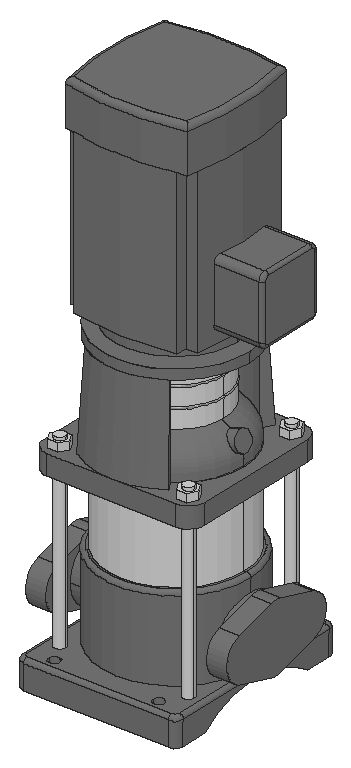
Revit family "TESK_Насос вертикальный с овальными фланцами_SVMT-20", category Оборудование, Revit 2019
Family settings
  Размер круглого соединителя = Использовать диаметр
  Классификация = Насос
  Тип детали = Вставляется
  На основе рабочей плоскости = Нет
  Всегда вертикально = Да
  При загрузке вырезать с полостями = Нет
  Общий = Нет
  Точка расчета площади = Нет
Parameters (values of type "Загрузите каталог типоразмеров TXT")
  Таблица_Поиска = "TESK_SVMT-20 ОФ"  # constant formula
  Производитель_Контакты = "info@teskpump.ru"
  Напор максимальный = 0
  Материал_КорпусУлитка = TESK_Черный_Условный
  Материал_КорпусДвигателя = TESK_Черный_Ребра_Условный
  Материал_2 = TESK_Нержавеющая сталь
  Материал_1 = TESK_Черный_Условный
  Длина_ВспомЛиния = 30 mm  # constant formula
  Высота_Перехода = size_lookup(Таблица_Поиска, "A5", 130 mm, ADSK_Марка)  # 130 mm
  Высота_Корпуса = size_lookup(Таблица_Поиска, "A1", 387 mm, ADSK_Марка)  # 387 mm
  Watermark [instance] = "Модели защищены уникальным кодом"
  URL = "www.teskpump.ru"
  ADSK_Свободный напор жидкости [instance] = 0.0 Pa
  ADSK_Расход жидкости [instance] = 0.0 L/s
  ADSK_Полная мощность = ADSK_Номинальная мощность * ADSK_Коэффициент мощности  # 0 kVA
  ADSK_Номинальная мощность = size_lookup(Таблица_Поиска, "Pow", 0 kW, ADSK_Марка)  # 0 kW
  ADSK_Напряжение = 400 V
  ADSK_Наименование краткое = "Вертикальный многоступенчатый центробежный насос"  # constant formula
  ADSK_Наименование = size_lookup(Таблица_Поиска, "Name", "Не найдено: Насос TESK SVMT-20", ADSK_Марка)  # "Не найдено: Насос TESK SVMT-20"
  ADSK_Масса_Текст = size_lookup(Таблица_Поиска, "mass_t", "Не найдено: Насос TESK SVMT-20", ADSK_Марка)  # "Не найдено: Насос TESK SVMT-20"
  ADSK_Масса = size_lookup(Таблица_Поиска, "mass", 0, ADSK_Марка)  # 0
  ADSK_Марка = "Загрузите каталог типоразмеров TXT"
  ADSK_Коэффициент мощности = 1
  ADSK_Количество фаз числовое = ADSK_Количество фаз  # 3
  ADSK_Количество фаз = if(ADSK_Напряжение = 230 V, 1, 3)  # 3
  ADSK_Количество = 1  # constant formula
  ADSK_Код изделия = size_lookup(Таблица_Поиска, "code", "Не найдено: Насос TESK SVMT-20", ADSK_Марка)  # "Не найдено: Насос TESK SVMT-20"
  ADSK_Классификация нагрузок = Прочее
  ADSK_Завод-изготовитель = "TESK"  # constant formula
  ADSK_Единица измерения = "шт."  # constant formula
  ADSK_Диаметр условный = 50 mm  # constant formula
  ADSK_Версия семейства = "1.0"  # constant formula
  ADSK_Версия Revit = "2019"  # constant formula
  Фланец_Толщина = 25 mm  # constant formula
  УГО_Длина = 250 mm  # constant formula
  Двигатель_Ширина = size_lookup(Таблица_Поиска, "A3", 170 mm, ADSK_Марка)  # 170 mm
  Двигатель_ОтступКоробки = size_lookup(Таблица_Поиска, "A4", 142 mm, ADSK_Марка)  # 142 mm
  Двигатель_Высота = size_lookup(Таблица_Поиска, "A2", 280 mm, ADSK_Марка)  # 280 mm
Reference planes
  plane 1 "По центру (Вперед/Назад)": y = 0
  plane 2: z = 0
  plane 3 "По центру (Влево/Вправо)": x = 0
  plane 4: x = -125
  plane 5: x = 125
  plane 6: x = -100
  plane 7: x = 100
  plane 8: z = -80
  plane 9: z = 307
  plane 10: z = -45
  plane 11: x = -85
  plane 12: z = 177
  plane 13: x = -50
  plane 14: z = 177
  plane 15: z = 152
  plane 16: x = -100
  plane 17: y = 100
  plane 18: x = 100
  plane 19: y = -100
  plane 20: z = 295
  plane 21: z = 222
  plane 22: x = -58
  plane 23: x = -60
  plane 24: z = 246.333
  plane 25: z = 270.667
  plane 26: z = 271.667
  plane 27: z = 269.667
  plane 28: z = 247.333
  plane 29: z = 245.333
  plane 30: z = 290
  plane 31: x = -85
  plane 32: x = -100
  plane 33: x = -92
  plane 34: x = -80
  plane 35: x = 80
  plane 36: y = -80
  plane 37: y = 80
  plane 38: z = 190
  plane 39: x = -100
  plane 40: x = 100
  plane 41: y = 123.5
  plane 42: y = -123.5
  plane 43: x = -65
  plane 44: x = 65
  plane 45: y = -107.5
  plane 46: y = 107.5
  plane 47: z = 45
  plane 48: z = 60
  plane 49: x = -85
  plane 50: x = -93
  plane 51: x = -80
  plane 52: x = 80
  plane 53: y = 80
  plane 54: y = -80
  plane 55: z = 60
  plane 56: z = -50
  plane 57: x = 95
  plane 58: x = 100
  plane 59: x = 85
  plane 60: x = 100
  plane 61: x = 92
  plane 62: z = 228.387
  plane 63: x = -100
  plane 64: x = 100
  plane 65: y = -80
  plane 66: y = 80
  plane 67: x = 55
  plane 68: z = 197
Forms (mm)
  Extrusion 1, solid, material "TESK_Черный_Условный" <- "Материал_КорпусУлитка", detail levels fine
    sketch origin (0, 0, 0) x (0, 1, 0) y (0, 0, 1)
      loop
        circle (0, 0) r 40
    from -100 to 100
  Revolve 2, solid, material "TESK_Черный_Условный" <- "Материал_1", detail levels fine
    sketch origin (0, 0, 0) x (1, 0, 0) y (0, 0, 1)
      loop
        line (0, 295) -> (-50, 295) -> (-50, 228.387)
        spline (-50, 228.387) -> (-51.902, 221.379) -> (-55.88, 219.278) -> (-60.634, 217.07) -> (-65.428, 214.293) -> (-69.591, 211.327) -> (-72.964, 208.449) -> (-75.78, 205.646) -> (-78.487, 202.259) -> (-80.986, 198.355) -> (-82.903, 194.12) -> (-84.356, 188.192) -> (-85, 177)
        line (-85, 177) -> (-85, 152) -> (0, 152) -> (0, 295)
      axis (0, 152) -> (0, 295)
    angle from 0 to 360
  Extrusion 3, solid, material "TESK_Черный_Условный" <- "Материал_1", detail levels fine
    sketch origin (0, 0, 0) x (1, 0, 0) y (0, 1, 0)
      loop
        line (-100, 80) -> (-100, -80)
        arc (-100, -80) -> (-94.142, -94.142) -> (-80, -100) r 20
        line (-80, -100) -> (80, -100)
        arc (80, -100) -> (94.142, -94.142) -> (100, -80) r 20
        line (100, -80) -> (100, 80)
        arc (100, 80) -> (94.142, 94.142) -> (80, 100) r 20
        line (80, 100) -> (-80, 100)
        arc (-80, 100) -> (-94.142, 94.142) -> (-100, 80) r 20
    from 152 to 177
  Revolve 4, solid, material "TESK_Нержавеющая сталь" <- "Материал_2", detail levels fine
    sketch origin (0, 0, 0) x (1, 0, 0) y (0, 0, 1)
      loop
        line (-60, 290) -> (-60, 271.667)
        arc (-60, 271.667) -> (-61, 270.667) -> (-60, 269.667) r 1
        line (-60, 269.667) -> (-60, 247.333)
        arc (-60, 247.333) -> (-61, 246.333) -> (-60, 245.333) r 1
        line (-60, 245.333) -> (-60, 222) -> (-58, 222) -> (-58, 290) -> (-60, 290)
      axis (0, 222) -> (0, 290)
    angle from 0 to 360
  Extrusion 5, solid, material "TESK_Черный_Условный" <- "Материал_1", detail levels fine
    sketch origin (0, 0, 0) x (1, 0, 0) y (0, 1, 0)
      loop
        circle (0, 0) r 92
    from 295 to 307
  Revolve 6, solid, material "TESK_Черный_Условный" <- "Материал_1", detail levels fine
    sketch origin (0, 0, 0) x (1, 0, 0) y (0, 0, 1)
      loop
        line (-85, 295) -> (-92, 295) -> (-100, 177) -> (-85, 177) -> (-85, 295)
      axis (0, 177) -> (0, 295)
    angle from 125 to 55
  Extrusion 7, solid, material "TESK_Нержавеющая сталь" <- "Материал_2", detail levels fine
    sketch origin (0, 0, 0) x (1, 0, 0) y (0, 1, 0)
      loop
        circle (-80, 80) r 7
      loop
        circle (80, 80) r 7
      loop
        circle (-80, -80) r 7
      loop
        circle (80, -80) r 7
    from -45 to 190
  Extrusion 8, solid, material "TESK_Черный_Условный" <- "Материал_1", detail levels fine
    sketch origin (0, 0, 0) x (1, 0, 0) y (0, 1, 0)
      loop
        arc (-90, 123.5) -> (-97.071, 120.571) -> (-100, 113.5) r 10
        line (-100, 113.5) -> (-100, -113.5)
        arc (-100, -113.5) -> (-97.071, -120.571) -> (-90, -123.5) r 10
        line (-90, -123.5) -> (90, -123.5)
        arc (90, -123.5) -> (97.071, -120.571) -> (100, -113.5) r 10
        line (100, -113.5) -> (100, 113.5)
        arc (100, 113.5) -> (97.071, 120.571) -> (90, 123.5) r 10
        line (90, 123.5) -> (-90, 123.5)
    from -80 to -45
  Extrusion 9, void
    sketch origin (0, 0, 0) x (1, 0, 0) y (0, 1, 0)
      loop
        circle (-65, 107.5) r 7
      loop
        circle (65, 107.5) r 7
      loop
        circle (-65, -107.5) r 7
      loop
        circle (65, -107.5) r 7
    from -80 to -45
  Revolve 10, solid, material "TESK_Черный_Условный" <- "Материал_КорпусУлитка", detail levels fine
    sketch origin (0, 0, 0) x (1, 0, 0) y (0, 0, 1)
      loop
        line (-93, -45) -> (0, -45) -> (0, 60) -> (-88, 60)
        arc (-88, 60) -> (-91.536, 58.536) -> (-93, 55) r 5
        line (-93, 55) -> (-93, -45)
      axis (0, -45) -> (0, 60)
    angle from 0 to 360
  Extrusion 11, solid, material "TESK_Нержавеющая сталь" <- "Материал_2", detail levels fine
    sketch origin (0, 0, 0) x (1, 0, 0) y (0, 1, 0)
      loop
        circle (0, 0) r 85
    from 60 to 152
  Sweep 12, void
    path in 3D
      loop
        arc (100, 113.5, -45) -> (97.071, 120.571, -45) -> (90, 123.5, -45) r 10
        line (90, 123.5, -45) -> (-90, 123.5, -45)
        arc (-90, 123.5, -45) -> (-97.071, 120.571, -45) -> (-100, 113.5, -45) r 10
        line (-100, 113.5, -45) -> (-100, -113.5, -45)
        arc (-100, -113.5, -45) -> (-97.071, -120.571, -45) -> (-90, -123.5, -45) r 10
        line (-90, -123.5, -45) -> (90, -123.5, -45)
        arc (90, -123.5, -45) -> (97.071, -120.571, -45) -> (100, -113.5, -45) r 10
        line (100, -113.5, -45) -> (100, 113.5, -45)
    profile origin (100, 0, -45) x (-1, 0, 0) y (0, 0, 1)
      loop
        line (5, 0) -> (0, 0) -> (0, -5)
        arc (0, -5) -> (1.464, -1.464) -> (5, 0) r 5
  Revolve 13, solid, material "TESK_Черный_Условный" <- "Материал_1", detail levels fine
    sketch origin (0, 0, 0) x (-1, 0, 0) y (0, 0, 1)
      loop
        line (-85, 295) -> (-92, 295) -> (-100, 177) -> (-85, 177) -> (-85, 295)
      axis (0, 177) -> (0, 295)
    angle from -125 to -55
  Extrusion 14, void
    sketch origin (0, 0, 0) x (0, 1, 0) y (0, 0, 1)
      loop
        line (-80, -80) -> (80, -80)
        arc (80, -80) -> (0, -52.47) -> (-80, -80) r 130
    from 100 to -100
  Extrusion 15, solid, material "TESK_Черный_Условный" <- "Материал_КорпусУлитка", detail levels fine
    sketch origin (0, 0, 0) x (0, 1, 0) y (0, 0, 1)
      loop
        line (-7.28, 41.486) -> (-56.312, 27.273)
        arc (-56.312, 27.273) -> (-77.26, 0) -> (-56.312, -27.273) r 28.228
        line (-56.312, -27.273) -> (-7.28, -41.486)
        arc (-7.28, -41.486) -> (0, -42.441) -> (7.28, -41.486) r 28.228
        line (7.28, -41.486) -> (56.312, -27.273)
        arc (56.312, -27.273) -> (77.26, 0) -> (56.312, 27.273) r 28.228
        line (56.312, 27.273) -> (7.28, 41.486)
        arc (7.28, 41.486) -> (0, 42.441) -> (-7.28, 41.486) r 28.228
    from 100 to 125
  Extrusion 16, solid, material "TESK_Черный_Условный" <- "Материал_КорпусУлитка", detail levels fine
    sketch origin (0, 0, 0) x (0, 1, 0) y (0, 0, 1)
      loop
        line (-7.28, 41.486) -> (-56.312, 27.273)
        arc (-56.312, 27.273) -> (-77.26, 0) -> (-56.312, -27.273) r 28.228
        line (-56.312, -27.273) -> (-7.28, -41.486)
        arc (-7.28, -41.486) -> (0, -42.441) -> (7.28, -41.486) r 28.228
        line (7.28, -41.486) -> (56.312, -27.273)
        arc (56.312, -27.273) -> (77.26, 0) -> (56.312, 27.273) r 28.228
        line (56.312, 27.273) -> (7.28, 41.486)
        arc (7.28, 41.486) -> (0, 42.441) -> (-7.28, 41.486) r 28.228
    from -100 to -125
  Sweep 17, solid, material "TESK_Черный_Условный" <- "Материал_1", detail levels fine
    path in 3D
      loop
        line (55, 0, 197) -> (83.978, 0, 204.765)
    profile origin (69.489, 0, 200.882) x (-0.258819, 0, 0.965926) y (0, -1, 0)
      loop
        circle (0, 0) r 12.65
Cuts and joins
  Extrusion 9, Sweep 12, Extrusion 14 cuts Extrusion 8
Lines and regions (mm)
  sketch lines
    curve 1: line (100, -113.5, -45) -> (100, 113.5, -45)
    curve 2: arc (90, 123.5, -45) -> (97.071, 120.571, -45) -> (100, 113.5, -45) r 10
    curve 3: line (90, 123.5, -45) -> (-90, 123.5, -45)
    curve 4: arc (-100, 113.5, -45) -> (-97.071, 120.571, -45) -> (-90, 123.5, -45) r 10
    curve 5: line (-100, 113.5, -45) -> (-100, -113.5, -45)
    curve 6: arc (-90, -123.5, -45) -> (-97.071, -120.571, -45) -> (-100, -113.5, -45) r 10
    curve 7: line (-90, -123.5, -45) -> (90, -123.5, -45)
    curve 8: arc (100, -113.5, -45) -> (97.071, -120.571, -45) -> (90, -123.5, -45) r 10
    curve 10: line (55, 0, 197) -> (83.978, 0, 204.765)
  reference lines
    curve 9: line (55, 0, 197) -> (83.978, 0, 204.765)
Dimensions and locks
  locked: plane 3 "По центру (Влево/Вправо)" to plane 4 at 125
  locked: plane 5 to plane 3 "По центру (Влево/Вправо)" at 125
  locked: plane 2 to plane 8 at 80
  locked: plane 10 to plane 8 at 35
  locked: plane 3 "По центру (Влево/Вправо)" to plane 11 at 85
  "Высота_Перехода": plane 9 to plane 12
  locked: plane 3 "По центру (Влево/Вправо)" to plane 13 at 50
  "Высота_Перехода": plane 9 to plane 14
  locked: plane 14 to plane 15 at 25
  equal spacing: plane 16, plane 3 "По центру (Влево/Вправо)", plane 18
  equal spacing: plane 17, plane 1 "По центру (Вперед/Назад)", plane 19
  locked: plane 19 to plane 1 "По центру (Вперед/Назад)" at 100
  locked: plane 16 to plane 3 "По центру (Влево/Вправо)" at 100
  locked: plane 21 to plane 14 at 45
  locked: plane 9 to plane 20 at 12
  locked: plane 3 "По центру (Влево/Вправо)" to plane 22 at 58
  locked: plane 3 "По центру (Влево/Вправо)" to plane 23 at 60
  equal spacing: plane 20, plane 25, plane 24, plane 21
  plane 26 to plane 25 to plane 27 = 1 mm locked, 1 mm locked
  plane 28 to plane 24 to plane 29 = 1 mm locked, 1 mm locked
  locked: plane 20 to plane 30 at 5
  locked: plane 3 "По центру (Влево/Вправо)" to plane 31 at 85
  locked: plane 32 to plane 3 "По центру (Влево/Вправо)" at 100
  locked: plane 3 "По центру (Влево/Вправо)" to plane 33 at 92
  equal spacing: plane 34, plane 3 "По центру (Влево/Вправо)", plane 35
  locked: plane 34 to plane 3 "По центру (Влево/Вправо)" at 80
  equal spacing: plane 37, plane 1 "По центру (Вперед/Назад)", plane 36
  locked: plane 37 to plane 1 "По центру (Вперед/Назад)" at 80
  locked: plane 38 to plane 14 at 13
  equal spacing: plane 39, plane 3 "По центру (Влево/Вправо)", plane 40
  locked: plane 39 to plane 3 "По центру (Влево/Вправо)" at 100
  equal spacing: plane 41, plane 1 "По центру (Вперед/Назад)", plane 42
  locked: plane 41 to plane 1 "По центру (Вперед/Назад)" at 123.5
  equal spacing: plane 43, plane 3 "По центру (Влево/Вправо)", plane 44
  locked: plane 43 to plane 3 "По центру (Влево/Вправо)" at 65
  equal spacing: plane 46, plane 1 "По центру (Вперед/Назад)", plane 45
  locked: plane 46 to plane 1 "По центру (Вперед/Назад)" at 107.5
  locked: plane 3 "По центру (Влево/Вправо)" to plane 49 at 85
  locked: plane 49 to plane 50 at 8
  locked: plane 47 to plane 2 at 45
  locked: plane 48 to plane 47 at 15
  equal spacing: plane 53, plane 1 "По центру (Вперед/Назад)", plane 54
  locked: plane 53 to plane 1 "По центру (Вперед/Назад)" at 80
  equal spacing: plane 51, plane 3 "По центру (Влево/Вправо)", plane 52
  locked: plane 3 "По центру (Влево/Вправо)" to plane 52 at 80
  locked: plane 55 to plane 2 at 60
  locked: plane 10 to plane 56 at 5
  locked: plane 3 "По центру (Влево/Вправо)" to plane 58 at 100
  locked: plane 57 to plane 58 at 5
  locked: plane 60 to plane 3 "По центру (Влево/Вправо)" at 100
  locked: plane 3 "По центру (Влево/Вправо)" to plane 61 at 92
  locked: plane 3 "По центру (Влево/Вправо)" to plane 59 at 85
  locked: plane 62 to plane 12 at 51.387
  "Фланец_Толщина": plane 6 to plane 4
  "Фланец_Толщина": plane 5 to plane 7
  "Высота_Корпуса": plane 9 to plane 8
  equal spacing: plane 64, plane 3 "По центру (Влево/Вправо)", plane 63
  locked: plane 3 "По центру (Влево/Вправо)" to plane 63 at 100
  equal spacing: plane 65, plane 1 "По центру (Вперед/Назад)", plane 66
  locked: plane 65 to plane 1 "По центру (Вперед/Назад)" at 80
  locked: plane 8 to Extrusion 14 sketch curve at 102.47
  equal spacing: Extrusion 15 sketch curve, plane 1 "По центру (Вперед/Назад)", Extrusion 15 sketch curve
  equal spacing: Extrusion 15 sketch curve, plane 2, Extrusion 15 sketch curve
  locked: Extrusion 15 sketch curve to plane 1 "По центру (Вперед/Назад)" at 49.032
  locked: Extrusion 15 sketch curve to plane 2 at 14.213
  equal spacing: Extrusion 16 sketch curve, plane 2, Extrusion 16 sketch curve
  equal spacing: Extrusion 16 sketch curve, plane 1 "По центру (Вперед/Назад)", Extrusion 16 sketch curve
  locked: Extrusion 16 sketch curve to plane 2 at 14.213
  locked: Extrusion 16 sketch curve to plane 1 "По центру (Вперед/Назад)" at 49.032
  locked: plane 67 to plane 3 "По центру (Влево/Вправо)" at 55
  locked: plane 68 to plane 14 at 20
  "Длина_ВспомЛиния": curve 9 to curve 9
  diameter of Extrusion 1 sketch curve = 80 mm
  radius of Extrusion 3 sketch curve = 20 mm  (x4)
  radius of Revolve 4 sketch curve = 1 mm  (x2)
  diameter of Extrusion 5 sketch curve = 184 mm
  diameter of Extrusion 7 sketch curve = 14 mm  (x4)
  radius of Extrusion 8 sketch curve = 10 mm  (x4)
  diameter of Extrusion 9 sketch curve = 14 mm  (x4)
  diameter of Extrusion 11 sketch curve = 170 mm
  radius of Sweep 12 sketch curve = 5 mm
  radius of Revolve 10 sketch curve = 5 mm
  radius of Extrusion 14 sketch curve = 130 mm
  radius of Extrusion 15 sketch curve = 28.228 mm  (x4)
  radius of Extrusion 16 sketch curve = 28.228 mm  (x4)
  diameter of Sweep 17 sketch curve = 25.3 mm
  locked: plane 68 to curve 9 (angle 15.00°)
  aligned and locked: level to plane 2
  aligned and locked: Extrusion 1 to plane 6
  aligned and locked: plane 7 to Extrusion 1
  aligned and locked: plane 9 to nested 1
  aligned and locked: plane 3 "По центру (Влево/Вправо)" to Revolve 2 sketch curve
  aligned and locked: Revolve 2 sketch curve to plane 3 "По центру (Влево/Вправо)"
  aligned and locked: Revolve 2 sketch curve to plane 11
  aligned and locked: plane 12 to Revolve 2 sketch curve
  aligned and locked: Extrusion 3 sketch curve to plane 16
  aligned and locked: Extrusion 3 sketch curve to plane 17
  aligned and locked: Extrusion 3 sketch curve to plane 18
  aligned and locked: Extrusion 3 sketch curve to plane 19
  aligned and locked: plane 14 to Extrusion 3
  aligned and locked: Extrusion 3 to plane 15
  aligned and locked: plane 3 "По центру (Влево/Вправо)" to Revolve 4 sketch curve
  aligned and locked: Revolve 4 sketch curve to plane 23  (x3)
  aligned and locked: Revolve 4 sketch curve to plane 21
  aligned and locked: Revolve 4 sketch curve to plane 22
  aligned and locked: Revolve 4 sketch curve to plane 30
  aligned and locked: Extrusion 5 to plane 20
  aligned and locked: plane 9 to Extrusion 5
  aligned and locked: plane 3 "По центру (Влево/Вправо)" to Revolve 6 sketch curve
  aligned and locked: Revolve 6 sketch curve to plane 31
  aligned and locked: plane 14 to Revolve 6 sketch curve
  aligned and locked: plane 37 to Extrusion 7 sketch curve  (x2)
  aligned and locked: plane 34 to Extrusion 7 sketch curve  (x2)
  aligned and locked: plane 35 to Extrusion 7 sketch curve  (x2)
  aligned and locked: plane 36 to Extrusion 7 sketch curve  (x2)
  aligned and locked: Extrusion 7 to plane 10
  aligned and locked: plane 38 to Extrusion 7
  aligned and locked: Extrusion 8 sketch curve to plane 41
  aligned and locked: Extrusion 8 sketch curve to plane 39
  aligned and locked: Extrusion 8 sketch curve to plane 40
  aligned and locked: Extrusion 8 sketch curve to plane 42
  aligned and locked: plane 8 to Extrusion 8
  aligned and locked: plane 10 to Extrusion 8
  aligned and locked: Revolve 2 sketch curve to plane 20
  aligned and locked: nested 2 to plane 1 "По центру (Вперед/Назад)"
  aligned and locked: nested 2 to plane 3 "По центру (Влево/Вправо)"
  aligned and locked: nested 3 to plane 3 "По центру (Влево/Вправо)"
  aligned and locked: nested 3 to plane 1 "По центру (Вперед/Назад)"
  aligned and locked: plane 2 to nested 3
  aligned and locked: plane 43 to Extrusion 9 sketch curve  (x2)
  aligned and locked: plane 45 to Extrusion 9 sketch curve
  aligned and locked: plane 44 to Extrusion 9 sketch curve  (x2)
  aligned and locked: plane 46 to Extrusion 9 sketch curve  (x2)
  aligned and locked: plane 10 to Extrusion 9
  aligned and locked: Extrusion 9 to plane 8
  aligned and locked: plane 3 "По центру (Влево/Вправо)" to Revolve 10 sketch curve
  aligned and locked: Revolve 10 sketch curve to plane 10
  aligned and locked: Revolve 10 sketch curve to plane 50
  aligned and locked: Revolve 10 sketch curve to plane 48
  aligned and locked: Revolve 10 sketch curve to plane 3 "По центру (Влево/Вправо)"
  aligned and locked: plane 3 "По центру (Влево/Вправо)" to nested 1
  aligned and locked: plane 1 "По центру (Вперед/Назад)" to nested 1
  aligned and locked: nested 4 to plane 53
  aligned and locked: plane 52 to nested 4
  aligned and locked: plane 53 to nested 5
  aligned and locked: plane 51 to nested 5
  aligned and locked: plane 54 to nested 7
  aligned and locked: nested 7 to plane 51
  aligned and locked: nested 6 to plane 54
  aligned and locked: nested 6 to plane 52
  aligned and locked: plane 14 to nested 6
  aligned and locked: nested 4 to plane 14
  aligned and locked: nested 7 to plane 14
  aligned and locked: plane 14 to nested 5
  aligned and locked: Revolve 2 sketch curve to plane 15
  aligned and locked: plane 1 "По центру (Вперед/Назад)" to Extrusion 11 sketch curve
  aligned and locked: plane 3 "По центру (Влево/Вправо)" to Extrusion 11 sketch curve
  aligned and locked: plane 15 to Extrusion 11
  aligned and locked: Extrusion 11 to plane 55
  aligned and locked: plane 10 to Sweep 12 sketch curve
  aligned and locked: plane 58 to Sweep 12 sketch curve
  aligned and locked: Revolve 2 sketch curve to plane 13
  aligned and locked: Revolve 6 sketch curve to plane 20
  aligned and locked: plane 33 to Revolve 6 sketch curve
  aligned and locked: Revolve 13 sketch curve to plane 59
  aligned and locked: Revolve 13 sketch curve to plane 60
  aligned and locked: Revolve 13 sketch curve to plane 14
  aligned and locked: Revolve 13 sketch curve to plane 20
  aligned and locked: plane 62 to Revolve 2 sketch curve
  aligned and locked: Revolve 6 sketch curve to plane 32
  aligned and locked: Revolve 13 sketch curve to plane 61
  aligned and locked: Extrusion 14 sketch curve to plane 8
  aligned and locked: plane 65 to Extrusion 14 sketch curve
  aligned and locked: plane 66 to Extrusion 14 sketch curve
  aligned and locked: Extrusion 14 to plane 64
  aligned and locked: Extrusion 14 to plane 63
  aligned and locked: plane 1 "По центру (Вперед/Назад)" to Extrusion 15 sketch curve  (x2)
  aligned and locked: plane 2 to Extrusion 15 sketch curve  (x2)
  aligned and locked: Extrusion 15 to plane 7
  aligned and locked: plane 5 to Extrusion 15
  aligned and locked: plane 1 "По центру (Вперед/Назад)" to Extrusion 16 sketch curve  (x2)
  aligned and locked: plane 2 to Extrusion 16 sketch curve  (x2)
  aligned and locked: Extrusion 16 to plane 6
  aligned and locked: Extrusion 16 to plane 4
  aligned and locked: plane 67 to curve 9
  aligned and locked: plane 68 to curve 9
Automatic sketch dimensions
  Extrusion 1 sketch curve to level = 0 mm
  Extrusion 1 sketch curve to plane 1 "По центру (Вперед/Назад)" = 0 mm
  Revolve 4 sketch curve to plane 29 = 0 mm
  Revolve 4 sketch curve to plane 27 = 0 mm
  Revolve 4 sketch curve to plane 21 = 10 mm
  plane 38 to Revolve 4 sketch curve = 2 mm
  plane 1 "По центру (Вперед/Назад)" to Extrusion 5 sketch curve = 0 mm
  Extrusion 5 sketch curve to plane 3 "По центру (Влево/Вправо)" = 0 mm
  Extrusion 9 sketch curve to plane 45 = 0 mm
  Sweep 12 sketch curve to profile plane = 0 mm
  Sweep 12 sketch curve to plane 57 = 0 mm
  Sweep 12 sketch curve to plane 56 = 0 mm  (x2)
  Revolve 6 sketch curve to plane 21 = 7.057 mm
  Revolve 13 sketch curve to plane 3 "По центру (Влево/Вправо)" = 0 mm
  plane 21 to Revolve 13 sketch curve = 7.057 mm
  Revolve 10 sketch curve to plane 15 = 30 mm
  Revolve 10 sketch curve to plane 15 = 10 mm
  Extrusion 15 sketch curve to Extrusion 15 sketch curve = 0 mm
  Extrusion 15 sketch curve to Extrusion 15 sketch curve = 7.28 mm  (x5)
  Extrusion 15 sketch curve to Extrusion 15 sketch curve = 14.56 mm
  plane 10 to Extrusion 15 sketch curve = 3.514 mm
  Extrusion 16 sketch curve to Extrusion 16 sketch curve = 0 mm
  Extrusion 16 sketch curve to Extrusion 16 sketch curve = 7.28 mm  (x5)
  Extrusion 16 sketch curve to Extrusion 16 sketch curve = 27.273 mm
  Extrusion 16 sketch curve to plane 1 "По центру (Вперед/Назад)" = 7.28 mm
  plane 38 to Revolve 6 sketch curve = 5 mm
  Revolve 13 sketch curve to plane 38 = 5 mm
  Sweep 17 sketch curve to profile plane = 0 mm
  profile plane to Sweep 17 sketch curve = 0 mm
  Revolve 2 sketch curve to plane 15 = 8 mm
  Revolve 2 sketch curve to Revolve 2 sketch curve = 2 mm
Nested families
  nested 1: "Электродвигатель" at (0, 0, 307), Высота_Двигателя <- "Двигатель_Высота", Отступ_Коробка <- "Двигатель_ОтступКоробки", Ширина_Двигателя <- "Двигатель_Ширина", ADSK_Материал <- "Материал_1", Материал_Корпуса <- "Материал_КорпусДвигателя", type "Электродвигатель", detail levels fine
    with Ширина_Коробки 85 mm, Ширина_Двигателя 170 mm, Отступ_Коробка 142 mm, Материал_Корпуса TESK_Черный_Ребра_Условный, Высота_Двигателя 280 mm, r_Крышка 6.8 mm, r_Коробка 8.5 mm, r2_Коробка 4.25 mm, r2 76.5 mm, r1 62.9 mm, h4 14 mm, h3 56 mm, h2 16.8 mm, h1 5.6 mm, a 20.4 mm, R 323 mm, ADSK_Материал TESK_Черный_Условный
  nested 2: "Вл_УГО_Насос_2D" at (0, 0, 0) x (-1, 0, 0) z (0, 0, 1), L_УГО <- "УГО_Длина", type "Вл_УГО_Насос_2D", detail levels coarse+medium
    with L_УГО 250 mm
  nested 3: "Вл_УГО_Насос_3D" at (0, 0, 0) x (-1, 0, 0) z (0, -1, 0), L_УГО <- "УГО_Длина", type "Вл_УГО_Насос_3D", detail levels coarse+medium
    with L_УГО 250 mm
  nested 4: "Гайка_Условная" at (80, 80, 177), Материал1 <- "Материал_2", type "Гайка_Условная", detail levels fine
    with Толщина_Гайка 10 mm, Материал1 TESK_Нержавеющая сталь, S_Гайка 22 mm, D_Вн 14 mm
  nested 5: "Гайка_Условная" at (-80, 80, 177) x (-1, 0, 0) z (0, 0, 1), Материал1 <- "Материал_2", type "Гайка_Условная", detail levels fine
    with Толщина_Гайка 10 mm, Материал1 TESK_Нержавеющая сталь, S_Гайка 22 mm, D_Вн 14 mm
  nested 6: "Гайка_Условная" at (80, -80, 177), Материал1 <- "Материал_2", type "Гайка_Условная", detail levels fine
    with Толщина_Гайка 10 mm, Материал1 TESK_Нержавеющая сталь, S_Гайка 22 mm, D_Вн 14 mm
  nested 7: "Гайка_Условная" at (-80, -80, 177) x (-1, 0, 0) z (0, 0, 1), Материал1 <- "Материал_2", type "Гайка_Условная", detail levels fine
    with Толщина_Гайка 10 mm, Материал1 TESK_Нержавеющая сталь, S_Гайка 22 mm, D_Вн 14 mm
Connectors
  electrical at (0, 0, 531), driven by "ADSK_Количество фаз", driven by "ADSK_Классификация нагрузок", driven by "ADSK_Напряжение", driven by "ADSK_Полная мощность", driven by "ADSK_Коэффициент мощности"
    settings: on nested 1, index 1, voltage 400 V, apparent load 0 kVA, apparent load phase1 0 kVA, apparent load phase2 0 kVA, apparent load phase3 0 kVA, power factor 1, load classification "Прочее", number of poles 3, system type 30, power factor state 1, is connector primary yes, connector utility no, sub classification motor no, connector description ""
  piping at (125, 0, 0), diameter 50, driven by "ADSK_Диаметр условный", driven by "ADSK_Расход жидкости"
    settings: on Extrusion 15, index 2, connector inside diameter 609.6 mm, connector length 0 mm, flow factor 0, pipe flow 0.0 L/s, pressure drop 0.0 Pa, fitting loss kfactor 0, connector angle 0.00°, fixture units 0, engagement length 0 mm, angle of deflection 0.00°, flow configuration 0, flow direction 2, fitting loss method 0, system type 29, joint type 0, gender type 0, connector reference index 3, connector utility 0, adjustable connector no, is connector primary yes, connector description ""
  piping at (-125, 0, 0), diameter 50, driven by "ADSK_Диаметр условный", driven by "ADSK_Расход жидкости"
    settings: on Extrusion 16, index 3, connector inside diameter 609.6 mm, connector length 0 mm, flow factor 0, pipe flow 0.0 L/s, pressure drop 0.0 Pa, fitting loss kfactor 0, connector angle 0.00°, fixture units 0, engagement length 0 mm, angle of deflection 0.00°, flow configuration 0, flow direction 1, fitting loss method 0, system type 29, joint type 0, gender type 0, connector reference index 2, connector utility 0, adjustable connector no, is connector primary no, connector description ""
Definition of nested family "Электродвигатель"
  Parameters (values of type "Электродвигатель")
    Ширина_Коробки [instance] = Ширина_Двигателя * 0.5  # 74 mm
    Ширина_Двигателя [instance] = 148 mm
    Отступ_Коробка [instance] = 117 mm
    Материал_Корпуса [instance] = none
    Высота_Двигателя [instance] = 239 mm
    r_Крышка [instance] = Ширина_Двигателя * 0.04  # 5.92 mm
    r_Коробка [instance] = Ширина_Коробки * 0.1  # 7.4 mm
    r2_Коробка [instance] = Ширина_Коробки * 0.05  # 3.7 mm
    r2 [instance] = Ширина_Двигателя * 0.45  # 66.6 mm
    r1 [instance] = Ширина_Двигателя * 0.37  # 54.76 mm
    h4 [instance] = Высота_Двигателя * 0.05  # 11.95 mm
    h3 [instance] = Высота_Двигателя * 0.2  # 47.8 mm
    h2 [instance] = Высота_Двигателя * 0.06  # 14.34 mm
    h1 [instance] = Высота_Двигателя * 0.02  # 4.78 mm
    a [instance] = Ширина_Двигателя * 0.12  # 17.76 mm
    R [instance] = Ширина_Двигателя * 1.9  # 281.2 mm
    ADSK_Материал [instance] = none
  Reference planes
    plane 1 "По центру (Вперед/Назад)": y = 0
    plane 2: z = 0
    plane 3 "По центру (Влево/Вправо)": x = 0
    plane 4: z = 239
    plane 5: x = -74
    plane 6: x = 74
    plane 7: x = 117
    plane 8: y = 74
    plane 9: y = -74
    plane 10: z = 4.78
    plane 11: z = 19.12
    plane 12: z = 191.2
    plane 13: x = -56.24
    plane 14: y = -56.24
    plane 15: y = 56.24
    plane 16: x = -56.24
    plane 17: x = 56.24
    plane 18: y = 56.24
    plane 19: x = 56.24
    plane 20: y = -56.24
    plane 21: x = -66.6
    plane 22: x = -54.76
    plane 23: x = 207.2
    plane 24: x = -207.2
    plane 25: y = -207.2
    plane 26: y = 207.2
    plane 27: x = 207.2
    plane 28: y = -207.2
    plane 29: x = -207.2
    plane 30: y = 207.2
    plane 31: y = 68.08
    plane 32: z = 233.08
    plane 33: z = 31.07
    plane 34: z = 105.07
    plane 35: y = -37
    plane 36: y = 37
    plane 37: x = 113.3
    plane 38: z = 101.37
  Forms (mm)
    Extrusion 1, solid, material <- "Материал_Корпуса"
      sketch origin (0, 0, 0) x (1, 0, 0) y (0, 1, 0)
        loop
          arc (-68.319, 56.24) -> (-74, 0) -> (-68.319, -56.24) r 281.2
          line (-68.319, -56.24) -> (-56.24, -56.24) -> (-56.24, -68.319)
          arc (-56.24, -68.319) -> (0, -74) -> (56.24, -68.319) r 281.2
          line (56.24, -68.319) -> (56.24, -56.24) -> (68.319, -56.24)
          arc (68.319, -56.24) -> (74, 0) -> (68.319, 56.24) r 281.2
          line (68.319, 56.24) -> (56.24, 56.24) -> (56.24, 68.319)
          arc (56.24, 68.319) -> (0, 74) -> (-56.24, 68.319) r 281.2
          line (-56.24, 68.319) -> (-56.24, 56.24) -> (-68.319, 56.24)
      from 19.12 to 191.2
    Revolve 2, solid, material <- "ADSK_Материал"
      sketch origin (0, 0, 0) x (1, 0, 0) y (0, 0, 1)
        loop
          line (-66.6, 19.12) -> (-66.6, 4.78) -> (-54.76, 4.78) -> (-54.76, 0) -> (0, 0) -> (0, 19.12) -> (-66.6, 19.12)
        axis (0, 0) -> (0, 19.12)
      angle from 0 to 360
    Extrusion 3, solid, material <- "ADSK_Материал"
      sketch origin (0, 0, 0) x (1, 0, 0) y (0, 1, 0)
        loop
          arc (-66.117, 66.117) -> (-74, 0) -> (-66.117, -66.117) r 281.2
          arc (-66.117, -66.117) -> (0, -74) -> (66.117, -66.117) r 281.2
          arc (66.117, -66.117) -> (74, 0) -> (66.117, 66.117) r 281.2
          arc (66.117, 66.117) -> (0, 74) -> (-66.117, 66.117) r 281.2
      from 191.2 to 239
    Sweep 4, void
      path in 3D
        loop
          arc (66.117, 66.117, 239) -> (74, 0, 239) -> (66.117, -66.117, 239) r 281.2
          arc (66.117, -66.117, 239) -> (0, -74, 239) -> (-66.117, -66.117, 239) r 281.2
          arc (-66.117, -66.117, 239) -> (-74, 0, 239) -> (-66.117, 66.117, 239) r 281.2
          arc (-66.117, 66.117, 239) -> (0, 74, 239) -> (66.117, 66.117, 239) r 281.2
      profile origin (0, 74, 239) x (0, 1, 0) y (0, 0, 1)
        loop
          line (0, 0) -> (-5.92, 0)
          arc (-5.92, 0) -> (-1.734, -1.734) -> (0, -5.92) r 5.92
          line (0, -5.92) -> (0, 0)
    Extrusion 5, solid, material <- "ADSK_Материал"
      sketch origin (0, 0, 0) x (0, 1, 0) y (0, 0, 1)
        loop
          line (-29.6, 31.07) -> (29.6, 31.07)
          arc (29.6, 31.07) -> (34.833, 33.237) -> (37, 38.47) r 7.4
          line (37, 38.47) -> (37, 97.67)
          arc (37, 97.67) -> (34.833, 102.903) -> (29.6, 105.07) r 7.4
          line (29.6, 105.07) -> (-29.6, 105.07)
          arc (-29.6, 105.07) -> (-34.833, 102.903) -> (-37, 97.67) r 7.4
          line (-37, 97.67) -> (-37, 38.47)
          arc (-37, 38.47) -> (-34.833, 33.237) -> (-29.6, 31.07) r 7.4
      from 0 to 117
    Sweep 6, void
      path in 3D
        loop
          arc (117, -29.6, 105.07) -> (117, -34.833, 102.903) -> (117, -37, 97.67) r 7.4
          line (117, -37, 97.67) -> (117, -37, 38.47)
          arc (117, -37, 38.47) -> (117, -34.833, 33.237) -> (117, -29.6, 31.07) r 7.4
          line (117, -29.6, 31.07) -> (117, 29.6, 31.07)
          arc (117, 29.6, 31.07) -> (117, 34.833, 33.237) -> (117, 37, 38.47) r 7.4
          line (117, 37, 38.47) -> (117, 37, 97.67)
          arc (117, 37, 97.67) -> (117, 34.833, 102.903) -> (117, 29.6, 105.07) r 7.4
          line (117, 29.6, 105.07) -> (117, -29.6, 105.07)
      profile origin (117, 0, 105.07) x (1, 0, 0) y (0, 0, 1)
        loop
          arc (-3.7, 0) -> (-1.084, -1.084) -> (0, -3.7) r 3.7
          line (0, -3.7) -> (0, 0) -> (-3.7, 0)
  Cuts and joins
    Sweep 4 cuts Extrusion 3
    Sweep 6 cuts Extrusion 5
  Lines and regions (mm)
    sketch lines
      curve 1: arc (-66.117, 66.117, 239) -> (0, 74, 239) -> (66.117, 66.117, 239) r 281.2
      curve 2: arc (66.117, 66.117, 239) -> (74, 0, 239) -> (66.117, -66.117, 239) r 281.2
      curve 3: arc (66.117, -66.117, 239) -> (0, -74, 239) -> (-66.117, -66.117, 239) r 281.2
      curve 4: arc (-66.117, -66.117, 239) -> (-74, 0, 239) -> (-66.117, 66.117, 239) r 281.2
      curve 5: line (117, 29.6, 105.07) -> (117, -29.6, 105.07)
      curve 6: arc (117, 29.6, 105.07) -> (117, 34.833, 102.903) -> (117, 37, 97.67) r 7.4
      curve 7: line (117, 37, 38.47) -> (117, 37, 97.67)
      curve 8: arc (117, 37, 38.47) -> (117, 34.833, 33.237) -> (117, 29.6, 31.07) r 7.4
      curve 9: line (117, -29.6, 31.07) -> (117, 29.6, 31.07)
      curve 10: arc (117, -29.6, 31.07) -> (117, -34.833, 33.237) -> (117, -37, 38.47) r 7.4
      curve 11: line (117, -37, 97.67) -> (117, -37, 38.47)
      curve 12: arc (117, -37, 97.67) -> (117, -34.833, 102.903) -> (117, -29.6, 105.07) r 7.4
  Dimensions and locks
    "Высота_Двигателя": plane 4 to plane 2
    equal spacing: plane 6, plane 3 "По центру (Влево/Вправо)", plane 5
    "Ширина_Двигателя": plane 6 to plane 5
    "Отступ_Коробка": plane 7 to plane 3 "По центру (Влево/Вправо)"
    equal spacing: plane 8, plane 1 "По центру (Вперед/Назад)", plane 9
    "Ширина_Двигателя": plane 8 to plane 9
    "a": plane 5 to plane 13
    "a": plane 14 to plane 9
    "a": plane 19 to plane 6
    "a": plane 20 to plane 9
    "a": plane 17 to plane 6
    "a": plane 8 to plane 18
    "a": plane 8 to plane 15
    "a": plane 5 to plane 16
    "r1": plane 3 "По центру (Влево/Вправо)" to plane 22
    "r2": plane 3 "По центру (Влево/Вправо)" to plane 21
    "h1": plane 10 to plane 2
    "h2": plane 11 to plane 10
    "h3": plane 4 to plane 12
    "R": plane 8 to plane 25
    "R": plane 5 to plane 23
    "R": plane 26 to plane 9
    "R": plane 24 to plane 6
    "R": plane 30 to plane 9
    "R": plane 8 to plane 28
    "R": plane 29 to plane 6
    "R": plane 5 to plane 27
    "r_Крышка": plane 8 to plane 31
    "r_Крышка": plane 4 to plane 32
    "h4": plane 33 to plane 11
    "Ширина_Коробки": plane 34 to plane 33
    equal spacing: plane 35, plane 1 "По центру (Вперед/Назад)", plane 36
    "Ширина_Коробки": plane 35 to plane 36
    "r2_Коробка": plane 7 to plane 37
    "r2_Коробка": plane 34 to plane 38
    "R": radius of Extrusion 1 sketch curve  (x4)
    "R": radius of Extrusion 3 sketch curve  (x4)
    "r_Крышка": radius of Sweep 4 sketch curve
    "r_Коробка": radius of Extrusion 5 sketch curve  (x4)
    "r2_Коробка": radius of Sweep 6 sketch curve
    aligned and locked: level to plane 2
    aligned and locked: Extrusion 1 sketch curve to plane 16
    aligned and locked: Extrusion 1 sketch curve to plane 17
    aligned and locked: Extrusion 1 sketch curve to plane 18
    aligned and locked: Extrusion 1 sketch curve to plane 20
    aligned and locked: Extrusion 1 sketch curve to plane 19
    aligned and locked: Extrusion 1 sketch curve to plane 13
    aligned and locked: Extrusion 1 sketch curve to plane 14
    aligned and locked: plane 12 to Extrusion 1
    aligned and locked: Extrusion 1 to plane 11
    aligned and locked: plane 3 "По центру (Влево/Вправо)" to Revolve 2 sketch curve
    aligned and locked: Revolve 2 sketch curve to plane 11
    aligned and locked: Revolve 2 sketch curve to plane 3 "По центру (Влево/Вправо)"
    aligned and locked: Revolve 2 sketch curve to level
    aligned and locked: Revolve 2 sketch curve to plane 21
    aligned and locked: Revolve 2 sketch curve to plane 22
    aligned and locked: Revolve 2 sketch curve to plane 10
    aligned and locked: plane 23 to Extrusion 1 sketch curve
    aligned and locked: plane 1 "По центру (Вперед/Назад)" to Extrusion 1 sketch curve  (x2)
    aligned and locked: plane 25 to Extrusion 1 sketch curve
    aligned and locked: plane 3 "По центру (Влево/Вправо)" to Extrusion 1 sketch curve  (x2)
    aligned and locked: plane 24 to Extrusion 1 sketch curve
    aligned and locked: plane 26 to Extrusion 1 sketch curve
    aligned and locked: plane 28 to Extrusion 3 sketch curve
    aligned and locked: plane 3 "По центру (Влево/Вправо)" to Extrusion 3 sketch curve  (x2)
    aligned and locked: plane 1 "По центру (Вперед/Назад)" to Extrusion 3 sketch curve  (x2)
    aligned and locked: plane 29 to Extrusion 3 sketch curve
    aligned and locked: plane 30 to Extrusion 3 sketch curve
    aligned and locked: plane 27 to Extrusion 3 sketch curve
    aligned and locked: plane 4 to Extrusion 3
    aligned and locked: Extrusion 3 to plane 12
    aligned and locked: profile plane to Sweep 4 sketch curve  (x2)
    aligned and locked: Extrusion 5 sketch curve to plane 33
    aligned and locked: Extrusion 5 sketch curve to plane 35
    aligned and locked: Extrusion 5 sketch curve to plane 34
    aligned and locked: Extrusion 5 sketch curve to plane 36
    aligned and locked: Extrusion 5 to plane 3 "По центру (Влево/Вправо)"
    aligned and locked: plane 7 to Extrusion 5
    aligned and locked: Sweep 6 sketch curve to plane 34
    aligned and locked: Sweep 6 sketch curve to plane 7
    aligned and locked: plane 37 to Sweep 6 sketch curve
    aligned and locked: plane 38 to Sweep 6 sketch curve
  Automatic sketch dimensions
    Extrusion 1 sketch curve to plane 15 = 0 mm
    plane 10 to Revolve 2 sketch curve = 5 mm
    Revolve 2 sketch curve to plane 11 = 0.698 mm
    Sweep 4 sketch curve to plane 31 = 0 mm  (x2)
    Sweep 4 sketch curve to plane 32 = 0 mm  (x2)
    Sweep 6 sketch curve to plane 37 = 0 mm
    Sweep 6 sketch curve to plane 38 = 0 mm
Definition of nested family "Вл_УГО_Насос_3D"
  Parameters (values of type "Вл_УГО_Насос_3D")
    L_УГО [instance] = 490 mm
    D = 200 mm  # constant formula
  Reference planes
    plane 1 "По центру (Вперед/Назад)": y = 0
    plane 2: z = 0
    plane 3 "По центру (Влево/Вправо)": x = 0
    plane 4: x = -245
    plane 5: x = 245
    plane 6: z = -1
    plane 7: z = 1
    plane 8: z = 0.5
    plane 9: z = -0.5
  Forms (mm)
    Extrusion 1, solid
      sketch origin (0, 0, 0) x (1, 0, 0) y (0, 1, 0)
        loop
          circle (0, 0) r 100
      from -0.5 to 0.5
    Extrusion 2, solid
      sketch origin (0, 0, 0) x (1, 0, 0) y (0, 1, 0)
        loop
          line (-100, 0) -> (50, -86.603) -> (50, 86.603) -> (-100, 0)
      from -1 to 1
  Lines and regions (mm)
    model lines
      curve 1: line (-245, 0, 0) -> (-100, 0, 0)
      curve 2: line (100, 0, 0) -> (245, 0, 0)
  Dimensions and locks
    equal spacing: plane 4, plane 3 "По центру (Влево/Вправо)", plane 5
    plane 7 to level to plane 6 = 1 mm locked, 1 mm locked
    plane 8 to level = 0.5 mm
    level to plane 9 = 0.5 mm
    "L_УГО": plane 4 to plane 5
    "D": diameter of Extrusion 1 sketch curve
    aligned and locked: level to plane 2
    aligned and locked: plane 3 "По центру (Влево/Вправо)" to Extrusion 1 sketch curve
    aligned and locked: plane 1 "По центру (Вперед/Назад)" to Extrusion 1 sketch curve
    aligned and locked: plane 8 to Extrusion 1
    aligned and locked: Extrusion 1 to plane 9
    aligned and locked: Extrusion 2 to plane 6
    aligned and locked: plane 7 to Extrusion 2
    aligned and locked: plane 1 "По центру (Вперед/Назад)" to curve 1
    aligned and locked: plane 4 to curve 1
    aligned and locked: plane 5 to curve 2
  Automatic sketch dimensions
    plane 1 "По центру (Вперед/Назад)" to Extrusion 2 sketch curve = 0 mm
    plane 3 "По центру (Влево/Вправо)" to Extrusion 2 sketch curve = 50 mm
    plane 1 "По центру (Вперед/Назад)" to Extrusion 2 sketch curve = 86.603 mm
    Extrusion 2 sketch curve to plane 1 "По центру (Вперед/Назад)" = 86.603 mm
    Extrusion 2 sketch curve to plane 3 "По центру (Влево/Вправо)" = 100 mm
    plane 1 "По центру (Вперед/Назад)" to curve 1 = 0 mm
    plane 1 "По центру (Вперед/Назад)" to curve 2 = 0 mm
    curve 1 to plane 3 "По центру (Влево/Вправо)" = 100 mm
    plane 3 "По центру (Влево/Вправо)" to curve 2 = 100 mm
Definition of nested family "Гайка_Условная"
  Parameters (values of type "Гайка_Условная")
    Толщина_Гайка [instance] = 10 mm
    Материал1 [instance] = none
    S_Гайка [instance] = 15 mm
    D_Вн [instance] = 10 mm
  Reference planes
    plane 1 "По центру (Вперед/Назад)": y = 0
    plane 2: z = 0
    plane 3 "По центру (Влево/Вправо)": x = 0
    plane 4: z = 10
  Forms (mm)
    Extrusion 1, solid, material <- "Материал1"
      sketch origin (0, 0, 0) x (1, 0, 0) y (0, 1, 0)
        loop
          line (8.66, 0) -> (4.33, 7.5) -> (-4.33, 7.5) -> (-8.66, 0) -> (-4.33, -7.5) -> (4.33, -7.5) -> (8.66, 0)
        loop
          circle (0, 0) r 5
      from 0 to 10
  Dimensions and locks
    equal spacing: Extrusion 1 sketch curve, plane 3 "По центру (Влево/Вправо)", Extrusion 1 sketch curve  (x3)
    "S_Гайка": Extrusion 1 sketch curve to Extrusion 1 sketch curve  (x3)
    "Толщина_Гайка": plane 4 to plane 2
    "D_Вн": diameter of Extrusion 1 sketch curve
    locked: Extrusion 1 sketch curve to Extrusion 1 sketch curve (angle 120.00°)  (x3)
    aligned and locked: level to plane 2
    aligned and locked: plane 1 "По центру (Вперед/Назад)" to Extrusion 1 sketch curve
    aligned and locked: plane 3 "По центру (Влево/Вправо)" to Extrusion 1 sketch curve
    aligned and locked: plane 4 to Extrusion 1
    aligned and locked: Extrusion 1 to plane 2
Definition of nested family "Вл_УГО_Насос_2D"
  Parameters (values of type "Вл_УГО_Насос_2D")
    L_УГО [instance] = 250 mm
    D = 200 mm  # constant formula
  Reference planes
    plane 1 "По центру (Вперед/Назад)": y = 0
    plane 2: z = 0
    plane 3 "По центру (Влево/Вправо)": x = 0
    plane 4: x = -125
    plane 5: x = 125
    plane 6: x = -100
    plane 7: x = 100
    plane 8: x = -100, in view "Опорный уровень"
  Lines and regions (mm)
    Filled region 1, type "Сплошная заливка - Черный", in view "Опорный уровень"
      outline origin (0, 0, 0) x (1, 0, 0) y (0, 1, 0)
        loop
          line (-100, 0) -> (50, -86.603) -> (50, 86.603) -> (-100, 0)
    detail lines, in view "Опорный уровень"
      curve 1: line (-125, 0, 0) -> (-100, 0, 0)
      curve 2: line (100, 0, 0) -> (125, 0, 0)
      curve 3: circle (0, 0, 0) r 100 normal (0, 0, 1)
  Dimensions and locks
    "L_УГО": plane 4 to plane 5
    equal spacing: plane 4, plane 3 "По центру (Влево/Вправо)", plane 5
    locked: plane 8 to plane 3 "По центру (Влево/Вправо)" at 100
    equal spacing: plane 6, plane 3 "По центру (Влево/Вправо)", plane 7
    "D": plane 6 to plane 7
    "D": diameter of curve 3
    aligned and locked: plane 4 to curve 1
    aligned and locked: plane 5 to curve 2
    aligned and locked: plane 1 "По центру (Вперед/Назад)" to curve 1
    aligned and locked: plane 8 to Filled region 1 sketch curve
    aligned and locked: plane 6 to curve 1
    aligned and locked: plane 7 to curve 2
    aligned and locked: plane 3 "По центру (Влево/Вправо)" to curve 3
    aligned and locked: plane 1 "По центру (Вперед/Назад)" to curve 3
  Automatic sketch dimensions
    plane 1 "По центру (Вперед/Назад)" to Filled region 1 sketch curve = 0 mm
    plane 3 "По центру (Влево/Вправо)" to Filled region 1 sketch curve = 50 mm
    plane 1 "По центру (Вперед/Назад)" to Filled region 1 sketch curve = 86.603 mm
    Filled region 1 sketch curve to plane 1 "По центру (Вперед/Назад)" = 86.603 mm
    plane 1 "По центру (Вперед/Назад)" to curve 2 = 0 mm
Types in the file's own list only (12): name | Напор максимальный | Длина_ВспомЛиния | Высота_Перехода | Высота_Корпуса | ADSK_Полная мощность | ADSK_Номинальная мощность | ADSK_Напряжение | ADSK_Наименование | ADSK_Масса_Текст | ADSK_Масса | ADSK_Марка | ADSK_Код изделия | ADSK_Диаметр условный | Фланец_Толщина | УГО_Длина | Двигатель_Ширина | Двигатель_ОтступКоробки | Двигатель_Высота
  SVMT 20-1 1.1kW 3x380V 50Hz IE3 | 13.5 | 30 мм | 130 мм | 387 мм | 1 кВ·А | 1 кВт | 400 В | "Вертикальный многоступенчатый центробежный насос SVMT, DN50, Hmax=13.5м (3x380V 50Hz IE3)" | "33" | 33 | "SVMT 20-1 1.1kW 3x380V 50Hz IE3" | "7720-10003380NF" | 50 мм | 25 мм | 250 мм | 170 мм | 142 мм | 280 мм
  SVMT 20-2 2.2kW 3x380V 50Hz IE3 | 27 | 30 мм | 150 мм | 397 мм | 2 кВ·А | 2 кВт | 400 В | "Вертикальный многоступенчатый центробежный насос SVMT, DN50, Hmax=27м (3x380V 50Hz IE3)" | "42" | 42 | "SVMT 20-2 2.2kW 3x380V 50Hz IE3" | "7720-20003380NF" | 50 мм | 25 мм | 250 мм | 190 мм | 155 мм | 333 мм
  SVMT 20-3 4kW 3x380V 50Hz IE3 | 40 | 30 мм | 170 мм | 452 мм | 4 кВ·А | 4 кВт | 400 В | "Вертикальный многоступенчатый центробежный насос SVMT, DN50, Hmax=40м (3x380V 50Hz IE3)" | "58" | 58 | "SVMT 20-3 4kW 3x380V 50Hz IE3" | "7720-30003380NF" | 50 мм | 25 мм | 250 мм | 230 мм | 188 мм | 382 мм
  SVMT 20-4 5.5kW 3x380V 50Hz IE3 | 54 | 30 мм | 210 мм | 517 мм | 6 кВ·А | 6 кВт | 400 В | "Вертикальный многоступенчатый центробежный насос SVMT, DN50, Hmax=54м (3x380V 50Hz IE3)" | "74" | 74 | "SVMT 20-4 5.5kW 3x380V 50Hz IE3" | "7720-40003380NF" | 50 мм | 25 мм | 250 мм | 260 мм | 208 мм | 435 мм
  SVMT 20-5 5.5kW 3x380V 50Hz IE3 | 67 | 30 мм | 210 мм | 562 мм | 6 кВ·А | 6 кВт | 400 В | "Вертикальный многоступенчатый центробежный насос SVMT, DN50, Hmax=67м (3x380V 50Hz IE3)" | "76" | 76 | "SVMT 20-5 5.5kW 3x380V 50Hz IE3" | "7720-50003380NF" | 50 мм | 25 мм | 250 мм | 260 мм | 208 мм | 435 мм
  SVMT 20-6 7.5kW 3x380V 50Hz IE3 | 81 | 30 мм | 210 мм | 607 мм | 8 кВ·А | 8 кВт | 400 В | "Вертикальный многоступенчатый центробежный насос SVMT, DN50, Hmax=81м (3x380V 50Hz IE3)" | "82" | 82 | "SVMT 20-6 7.5kW 3x380V 50Hz IE3" | "7720-60003380NF" | 50 мм | 25 мм | 250 мм | 260 мм | 208 мм | 435 мм
  SVMT 20-7 7.5kW 3x380V 50Hz IE3 | 95 | 30 мм | 210 мм | 652 мм | 8 кВ·А | 8 кВт | 400 В | "Вертикальный многоступенчатый центробежный насос SVMT, DN50, Hmax=95м (3x380V 50Hz IE3)" | "84" | 84 | "SVMT 20-7 7.5kW 3x380V 50Hz IE3" | "7720-70003380NF" | 50 мм | 25 мм | 250 мм | 260 мм | 208 мм | 435 мм
  SVMT 20-8 11kW 3x380V 50Hz IE3 | 109 | 30 мм | 230 мм | 697 мм | 11 кВ·А | 11 кВт | 400 В | "Вертикальный многоступенчатый центробежный насос SVMT, DN50, Hmax=109м (3x380V 50Hz IE3)" | "153" | 153 | "SVMT 20-8 11kW 3x380V 50Hz IE3" | "7720-80003380NF" | 50 мм | 25 мм | 250 мм | 350 мм | 260 мм | 580 мм
  SVMT 20-10 11kW 3x380V 50Hz IE3 | 136 | 30 мм | 230 мм | 875 мм | 11 кВ·А | 11 кВт | 400 В | "Вертикальный многоступенчатый центробежный насос SVMT, DN50, Hmax=136м (3x380V 50Hz IE3)" | "157" | 157 | "SVMT 20-10 11kW 3x380V 50Hz IE3" | "7720-100003380NF" | 50 мм | 25 мм | 250 мм | 350 мм | 260 мм | 580 мм
  SVMT 20-12 15kW 3x380V 50Hz IE3 | 164 | 30 мм | 230 мм | 965 мм | 15 кВ·А | 15 кВт | 400 В | "Вертикальный многоступенчатый центробежный насос SVMT, DN50, Hmax=164м (3x380V 50Hz IE3)" | "170" | 170 | "SVMT 20-12 15kW 3x380V 50Hz IE3" | "7720-120003380NF" | 50 мм | 25 мм | 250 мм | 350 мм | 260 мм | 580 мм
  SVMT 20-14 15kW 3x380V 50Hz IE3 | 192 | 30 мм | 230 мм | 1055 мм | 15 кВ·А | 15 кВт | 400 В | "Вертикальный многоступенчатый центробежный насос SVMT, DN50, Hmax=192м (3x380V 50Hz IE3)" | "172" | 172 | "SVMT 20-14 15kW 3x380V 50Hz IE3" | "7720-140003380NF" | 50 мм | 25 мм | 250 мм | 350 мм | 260 мм | 580 мм
  SVMT 20-17 18.5kW 3x380V 50Hz IE3 | 234 | 30 мм | 250 мм | 1190 мм | 19 кВ·А | 19 кВт | 400 В | "Вертикальный многоступенчатый центробежный насос SVMT, DN50, Hmax=234м (3x380V 50Hz IE3)" | "195" | 195 | "SVMT 20-17 18.5kW 3x380V 50Hz IE3" | "7720-170003380NF" | 50 мм | 25 мм | 250 мм | 350 мм | 260 мм | 610 мм
